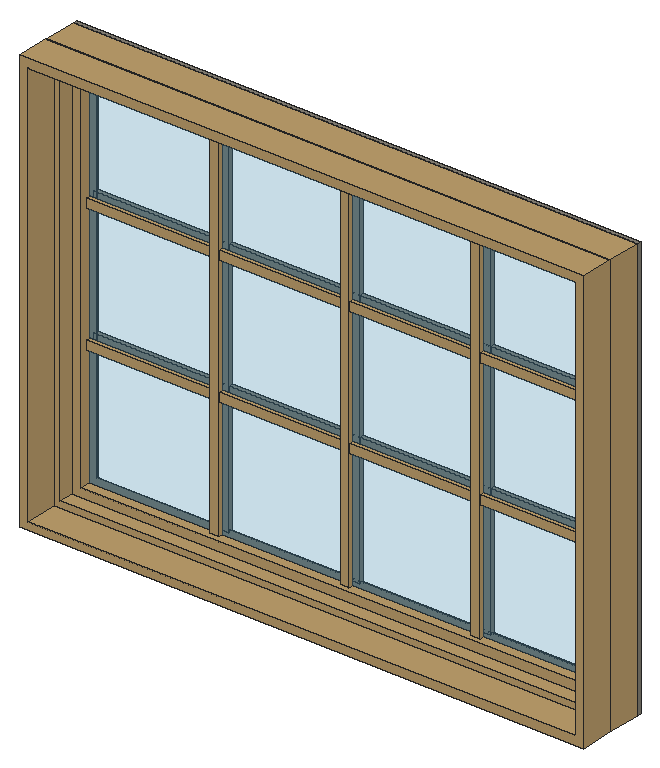
Revit family
Parameters (values of type "CCNTPRYDGRECT")
  Window Type = "Clad Contemporary Direct Glaze Rectangle"
  URL = "www.marvin.com"
  Prairie Corner Width = 0' - 4"
  Prairie Corner Height = 0' - 4"
  Nominal Width = 4' - 0"
  Nominal Height = 3' - 0"
  Muntins Interior Material = Wood-Marvin-Pine
  Muntins Exterior Material = Aluminum-Marvin-Bronze
  Model = "CCNTPRYDGRECT"
  Manufacturer = "Marvin Windows and Doors"
  Lites Wide = 4
  Lites High = 3
  Lite Cut Prairie 9 = no
  Lite Cut HV Grid = not(Lite Cut Prairie 9)  # yes
  Label Visibility = no
  Interior Material = Wood-Marvin-Pine
  Glazing Material = Glass-Marvin-IG Low E II with Argon
  Glass Type = "IG Low E II with Argon"
  Frame = "Aluminum Clad"
  Family created by = "www.rbuiltcomponents.com"
  Rough Width = Width + 0' 1"  # 4' - 1"
  Rough Height = Height + 0' 0 1/2"  # 3' - 0 1/2"
  Muntins Interior Visibility = yes
  Muntins Exterior Visibility = yes
  Jamb Extension Visibility = yes
  Inset to Installation Flange [instance] = 0' - 1"
  Height = Nominal Height  # 3' - 0"
  Design Pressure = if(or(Width > 10' 0", Height > 6' 0"), "", "DP40")  # "DP40"
  Description = "FIXED"
  Default Head Height = 8' - 0"
  Wall Closure = (empty or 0)
  Width = Nominal Width  # 4' - 0"
  Daylight Area = DLO Width * DLO Height  # 9.81079 SF
  DLO Width = Width - 0' 3 15/16"  # 3' - 8 1/16"
  DLO Height = Height - 0' 3 15/16"  # 2' - 8 1/16"
  Cladding Material = Aluminum-Marvin-Bronze
  Assembly Code = ""
Reference planes (in)
  plane 1 "Center (Front/Back)": y = 0
  plane 2: z = 0
  plane 3 "Center (Left/Right)": x = -3
  plane 4 "Left": x = -27
  plane 5 "Right": x = 21
  plane 6 "Sill": z = 60
  plane 7 "Top": z = 96
  plane 8 "Inset": y = 2
  plane 9 "Glazing": y = 2.70313
  plane 10 "Jamb Ext Face": y = -0.1875
  plane 11: z = 78
  plane 12: y = -0.21875
  plane 13 "Glazing2": y = 1.89063
Forms (in)
  Sweep 1, solid, material "Aluminum-Marvin-Bronze" <- "Cladding Material"
    path origin (0, 2.70313, 0) x (1, 0, 0) y (0, 0, 1)
      loop
        line (-27, 96) -> (-27, 60) -> (21, 60) -> (21, 96) -> (-27, 96)
    profile "Profile_Ext_Clad_Frame : Profile_Ext_Clad_Frame" origin (-27, 2.70313, 78) x (1, 0, 0) y (0, -1, 0)
      loop
        line (0, 0) -> (0, -0.35938) -> (1.76689, -0.35938) -> (1.76689, -0.24087) -> (1.97001, -0.03774) -> (1.97001, 0) -> (0, 0)
  Sweep 2, solid, material "Wood-Marvin-Pine" <- "Interior Material"
    path origin (0, 2.70313, 0) x (1, 0, 0) y (0, 0, 1)
      loop
        line (-27, 96) -> (-27, 60) -> (21, 60) -> (21, 96) -> (-27, 96)
    profile "Profile_Int_Frame : Profile_Int_Frame" origin (-27, 2.70313, 78) x (1, 0, 0) y (0, -1, 0)
      loop
        line (1.1875, 2.89062) -> (0, 2.89062) -> (0, 0) -> (1.1875, 0) -> (1.1875, 0.8125) -> (1.97001, 0.8125) -> (1.97001, 1.68812) -> (1.1875, 1.68812) -> (1.1875, 2.89062)
  Extrusion 3, solid, material "Wood-Marvin-Pine" <- "Interior Material", visible <- "Jamb Extension Visibility", detail levels medium+fine
    sketch origin (0, -0.1875, 0) x (1, 0, 0) y (0, 0, 1)
      loop
        line (-27, 96) -> (-27, 60) -> (21, 60) -> (21, 96) -> (-27, 96)
      loop
        line (-26.3125, 60.6875) -> (20.3125, 60.6875) -> (20.3125, 95.3125) -> (-26.3125, 95.3125) -> (-26.3125, 60.6875)
    from 0.03125 to 2.8125
  Extrusion 4, solid, material "Glass-Marvin-IG Low E II with Argon" <- "Glazing Material"
    sketch origin (0, 2.70313, 0) x (1, 0, 0) y (0, 0, 1)
      loop
        line (19.71875, 94.71875) -> (-25.71875, 94.71875) -> (-25.71875, 61.28125) -> (19.71875, 61.28125) -> (19.71875, 94.71875)
    from 0 to 0.125
  Extrusion 5, solid, material "Glass-Marvin-IG Low E II with Argon" <- "Glazing Material"
    sketch origin (0, 2.70313, 0) x (1, 0, 0) y (0, 0, 1)
      loop
        line (19.71875, 94.71875) -> (-25.71875, 94.71875) -> (-25.71875, 61.28125) -> (19.71875, 61.28125) -> (19.71875, 94.71875)
    from 0.8125 to 0.6875
Lines and regions (in)
  Opening 1
    outline origin (-60, -3, 0) x (1, 0, 0) y (0, 0, 1)
      loop
        line (33, 96) -> (33, 60) -> (81, 60) -> (81, 96) -> (33, 96)
  Masking region 1, visible <- "Jamb Extension Visibility"
    outline origin (0, 0, 60) x (0, -1, 0) y (1, 0, 0)
      loop
        line (0.21875, -27) -> (3, -27) -> (3, 21) -> (0.21875, 21) -> (0.21875, -27)
  Masking region 2, visible <- "Jamb Extension Visibility"
    outline origin (-3, 0, 0) x (0, 1, 0) y (0, 0, 1)
      loop
        line (-0.21875, 96) -> (-3, 96) -> (-3, 60) -> (-0.21875, 60) -> (-0.21875, 96)
  symbolic lines, style "Jamb Extension", visible <- "Jamb Extension Visibility", detail levels fine
    curve 1: line (-27, -3, 60) -> (-26.3125, -3, 60)
    curve 2: line (-26.3125, -3, 60) -> (-26.3125, -0.21875, 60)
    curve 3: line (21, -3, 60) -> (20.3125, -3, 60)
    curve 4: line (20.3125, -3, 60) -> (20.3125, -0.21875, 60)
    curve 5: line (-3, -3, 95.3125) -> (-3, -0.21875, 95.3125)
    curve 6: line (-3, -3, 60.6875) -> (-3, -0.21875, 60.6875)
  symbolic lines, style "WindowsFrameMullionProjection", visible <- "Jamb Extension Visibility", detail levels coarse+medium
    curve 7: line (-26.3125, -0.21875, 60) -> (-26.3125, -3, 60)
    curve 8: line (-26.3125, -3, 60) -> (-27, -3, 60)
    curve 9: line (20.3125, -0.21875, 60) -> (20.3125, -3, 60)
    curve 10: line (20.3125, -3, 60) -> (21, -3, 60)
    curve 13: line (-3, -0.21875, 95.3125) -> (-3, -3, 95.3125)
    curve 14: line (-3, -3, 95.3125) -> (-3, -3, 96)
    curve 15: line (-3, -0.21875, 60.6875) -> (-3, -3, 60.6875)
    curve 16: line (-3, -3, 60.6875) -> (-3, -3, 60)
  symbolic lines, style "Jamb Extension", visible <- "Jamb Extension Visibility"
    curve 11: line (-3, -3, 60.6875) -> (-3, -3, 60)
    curve 12: line (-3, -3, 95.3125) -> (-3, -3, 96)
Text (in)
  text "EXTERIOR" at (-58.6888, 50.90694, 0), in view "Ref. Level"
  text "INTERIOR" at (-58.6888, -37.76638, 0), in view "Ref. Level"
  text "Exterior" at (0, 43.65631, 123.19604), in view "Left"
  text "Exterior" at (0, 18.29385, 125.04747), in view "Right"
Dimensions and locks (in)
  equal spacing: plane 4 "Left", plane 3 "Center (Left/Right)", plane 5 "Right"
  "Width": plane 4 "Left" to plane 5 "Right"
  "Height": plane 6 "Sill" to plane 7 "Top"
  "Inset to Installation Flange": host wall to plane 8 "Inset"
  locked: plane 8 "Inset" to plane 9 "Glazing" at 0.70313
  locked: plane 10 "Jamb Ext Face" to plane 8 "Inset" at 2.1875
  locked: Extrusion 4 sketch curve to plane 5 "Right" at 1.28125
  locked: plane 4 "Left" to Extrusion 4 sketch curve at 1.28125
  locked: Extrusion 4 sketch curve to plane 7 "Top" at 1.28125
  locked: plane 6 "Sill" to Extrusion 4 sketch curve at 1.28125
  equal spacing: plane 6 "Sill", plane 11, plane 7 "Top"
  "Default Head Height": plane 2 to plane 7 "Top"
  locked: Extrusion 3 sketch curve to Extrusion 3 sketch curve at 0.6875  (x2)
  locked: plane 7 "Top" to Extrusion 3 sketch curve at 0.6875
  locked: nested 5 to host wall at 12.00106
  locked: Extrusion 5 sketch curve to plane 7 "Top" at 1.28125
  locked: Extrusion 5 sketch curve to plane 5 "Right" at 1.28125
  locked: plane 6 "Sill" to Extrusion 5 sketch curve at 1.28125
  locked: plane 4 "Left" to Extrusion 5 sketch curve at 1.28125
  plane 9 "Glazing" to Extrusion 4 = 0' - 0 1/8"
  locked: plane 9 "Glazing" to Extrusion 5 at 0.8125
  locked: plane 9 "Glazing" to Extrusion 5 at 0.6875
  locked: Extrusion 5 to Extrusion 5 at 0.125
  locked: plane 12 to plane 10 "Jamb Ext Face" at 0.03125
  locked: plane 13 "Glazing2" to plane 8 "Inset" at 0.10937
  aligned and locked: plane 7 "Top" to Opening 1 sketch curve
  aligned and locked: plane 6 "Sill" to Opening 1 sketch curve  (x2)
  aligned and locked: plane 5 "Right" to Opening 1 sketch curve
  aligned and locked: plane 4 "Left" to Opening 1 sketch curve
  aligned and locked: nested 1 to plane 3 "Center (Left/Right)"
  aligned and locked: plane 8 "Inset" to nested 1
  aligned and locked: host wall to curve 1
  aligned and locked: curve 3 to host wall
  aligned and locked: plane 7 "Top" to Sweep 1 sketch curve
  aligned and locked: Sweep 1 sketch curve to plane 6 "Sill"
  aligned and locked: plane 5 "Right" to Sweep 1 sketch curve
  aligned and locked: Sweep 1 sketch curve to plane 4 "Left"
  aligned and locked: Sweep 2 sketch curve to plane 4 "Left"
  aligned and locked: plane 5 "Right" to Sweep 2 sketch curve
  aligned and locked: plane 7 "Top" to Sweep 2 sketch curve
  aligned and locked: Sweep 2 sketch curve to plane 6 "Sill"
  aligned and locked: plane 8 "Inset" to nested 2
  aligned and locked: Extrusion 3 sketch curve to plane 6 "Sill"
  aligned and locked: plane 5 "Right" to Extrusion 3 sketch curve
  aligned and locked: plane 11 to nested 3
  aligned and locked: plane 9 "Glazing" to nested 4
  aligned and locked: nested 4 to plane 11
  aligned and locked: nested 4 to plane 3 "Center (Left/Right)"
  aligned and locked: plane 3 "Center (Left/Right)" to nested 3
  aligned and locked: host wall to Extrusion 3
  aligned and locked: plane 3 "Center (Left/Right)" to nested 5
  aligned and locked: Extrusion 3 sketch curve to plane 4 "Left"
  aligned and locked: plane 7 "Top" to Extrusion 3 sketch curve
  aligned and locked: curve 5 to Extrusion 3
  aligned and locked: curve 2 to Extrusion 3
  aligned and locked: curve 4 to Extrusion 3
  aligned and locked: plane 4 "Left" to curve 8
  aligned and locked: curve 7 to Extrusion 3
  aligned and locked: curve 8 to host wall
  aligned and locked: plane 5 "Right" to curve 10
  aligned and locked: Extrusion 3 to curve 9  (x2)
  aligned and locked: host wall to curve 10
  aligned and locked: plane 6 "Sill" to curve 11
  aligned and locked: curve 11 to Extrusion 3
  aligned and locked: curve 11 to host wall
  aligned and locked: plane 7 "Top" to curve 12
  aligned and locked: plane 7 "Top" to curve 14
  aligned and locked: host wall to curve 14
  aligned and locked: Extrusion 3 to curve 13  (x2)
  aligned and locked: plane 6 "Sill" to curve 16
  aligned and locked: curve 15 to Extrusion 3
  aligned and locked: Extrusion 4 to plane 9 "Glazing"
  aligned and locked: plane 9 "Glazing" to Extrusion 4
  aligned and locked: Extrusion 3 to curve 7
  aligned and locked: Extrusion 3 to curve 2
  aligned and locked: Extrusion 3 to curve 4
  aligned and locked: Masking region 1 sketch curve to plane 4 "Left"
  aligned and locked: plane 5 "Right" to Masking region 1 sketch curve
  aligned and locked: plane 12 to Masking region 1 sketch curve
  aligned and locked: Masking region 1 sketch curve to host wall
  aligned and locked: Extrusion 3 to curve 5
  aligned and locked: Extrusion 3 to curve 15
  aligned and locked: Extrusion 3 to curve 6
  aligned and locked: Extrusion 3 to plane 12
  aligned and locked: plane 7 "Top" to Masking region 2 sketch curve
  aligned and locked: Masking region 2 sketch curve to plane 6 "Sill"
  aligned and locked: plane 12 to Masking region 2 sketch curve
  aligned and locked: Masking region 2 sketch curve to host wall
  aligned and locked: nested 2 to plane 7 "Top"
Automatic sketch dimensions
  Extrusion 3 sketch curve to plane 4 "Left" = 0' - 0 11/16"
  curve 1 to plane 4 "Left" = 0' - 0"
  curve 3 to plane 5 "Right" = 0' - 0"
Nested families (in)
  nested 1: "Polygon_Plan_Detail" at (-3, 2, 60) x (-1, 0, 0) z (0, 0, -1), type "Polygon_Plan_Detail"
  nested 2: "Polygon_Section_Detail" at (-3, 2, 96) x (0, -1, 0) z (1, 0, 0), type "Polygon_Section_Detail"
  nested 3: "Muntins" at (-3, 1.89062, 25.96875), visible <- "Muntins Interior Visibility", Muntin Material <- "Muntins Interior Material", type "Muntins"
    with MuntinDepth 0' - 0 5/16", Muntin Material Wood-Marvin-Pine, GlazingWidth 3' - 8 1/16", GlazingHeight 2' - 8 1/16", Width 3' - 8 1/2", VerticalMuntins 3, LitesHorizontal 4, Height 2' - 8 1/2", Inset Vert 0' - 10 3/4", Inset Horiz 0' - 10.45833"
  nested 4: "Muntins" at (-3, 2.70312, 25.96875), visible <- "Muntins Exterior Visibility", Muntin Material <- "Muntins Exterior Material", type "Muntins"
    with MuntinDepth 0' - 0 5/16", Muntin Material Aluminum-Marvin-Bronze, GlazingWidth 3' - 8 1/16", GlazingHeight 2' - 8 1/16", Width 3' - 8 1/2", VerticalMuntins 3, LitesHorizontal 4, Height 2' - 8 1/2", Inset Vert 0' - 10 3/4", Inset Horiz 0' - 10.45833"
  nested 5: "Label Annotation 1-16 w6" at (-3, 15.00106, 0), visible <- "Label Visibility", type "Label Annotation 1-16 w6"
    with Nominal Height 3' - 0"
Definition of nested family "Muntins"
  Parameters (values of type "Muntins")
    PrairieMuntVisible = no
    Prairie Corner Width = 0' - 4"
    Prairie Corner Height = 0' - 4"
    Muntin Extension = 0' - 0 7/16"
    GridMuntVisible = yes
    GlazingWidth = 2' - 0"
    GlazingHeight = 2' - 11 1/8"
    Width = GlazingWidth + Muntin Extension  # 2' - 0 7/16"
    VerticalMuntins = if(LitesHorizontal < 3, 2, LitesHorizontal - 1)  # 2
    VertMuntVisible = and(GridMuntVisible, LitesHorizontal > 2)  # yes
    MuntinWidth = 0' - 0 3/4"
    MuntinDepth [instance] = 0' - 0 3/8"
    Muntin Material [instance] = none
    LitesVertical = 3
    LitesHorizontal = 3
    HorizontalMuntins = if(LitesVertical < 3, 2, LitesVertical - 1)  # 2
    HorizMuntVisible = and(GridMuntVisible, LitesVertical > 2)  # yes
    Height = GlazingHeight + Muntin Extension  # 2' - 11 9/16"
    Inset Vert = if(LitesHorizontal < 3, (Width / 3) - (MuntinWidth / 2), (Width / LitesHorizontal) - (MuntinWidth / 2))  # 0' - 7.77083"
    Inset Horiz = if(LitesVertical < 3, (Height / 3) - (MuntinWidth / 2), (Height / LitesVertical) - (MuntinWidth / 2))  # 0' - 11.47917"
    CenterMuntinVertical = and(GridMuntVisible, LitesHorizontal = 2)  # no
    CenterMuntinHorizontal = and(GridMuntVisible, LitesVertical = 2)  # no
    Assembly Code = ""
  Reference planes (in)
    plane 1 "Center (Front/Back)": y = 0
    plane 2: z = 0
    plane 3 "Center (Left/Right)": x = 0
    plane 4: z = 35.78125
    plane 5: z = 53.5625
    plane 6: z = 71.34375
    plane 7: z = 59.86458
    plane 8: z = 47.26042
    plane 9: z = 71.125
    plane 10: z = 36
    plane 11: x = -12
    plane 12: x = 12
    plane 13: x = -4.44792
    plane 14: x = -12.21875
    plane 15: x = 12.21875
    plane 16: x = 4.44792
    plane 17: z = 67.125
    plane 18: z = 40
    plane 19: x = -8
    plane 20: x = 8
  Forms (in)
    Extrusion 1, solid, material <- "Muntin Material", visible <- "CenterMuntinVertical", detail levels medium+fine
      sketch origin (9, 0, 0) x (1, 0, 0) y (0, 0, 1)
        loop
          line (-9.375, 71.34375) -> (-9.375, 35.78125) -> (-8.625, 35.78125) -> (-8.625, 71.34375) -> (-9.375, 71.34375)
      from 0 to 0.375 <- "MuntinDepth"
    Extrusion 2, solid, material <- "Muntin Material", visible <- "CenterMuntinHorizontal", detail levels medium+fine
      sketch origin (-0.0013, 0, 14.6875) x (1, 0, 0) y (0, 0, 1)
        loop
          line (-12.21745, 39.25) -> (-12.21745, 38.5) -> (12.22005, 38.5) -> (12.22005, 39.25) -> (-12.21745, 39.25)
      from 0 to 0.375 <- "MuntinDepth"
    Extrusion 3, solid, material <- "Muntin Material", visible <- "VertMuntVisible", detail levels medium+fine
      sketch origin (4.92708, 0, -2.90625) x (1, 0, 0) y (0, 0, 1)
        loop
          line (-9.375, 74.25) -> (-9.375, 38.6875) -> (-8.625, 38.6875) -> (-8.625, 74.25) -> (-9.375, 74.25)
      from 0 to 0.375 <- "MuntinDepth"
    Extrusion 4, solid, material <- "Muntin Material", visible <- "HorizMuntVisible", detail levels medium+fine
      sketch origin (-3.09635, 0, 14.17708) x (1, 0, 0) y (0, 0, 1)
        loop
          line (-9.1224, 45.6875) -> (-9.1224, 44.9375) -> (15.3151, 44.9375) -> (15.3151, 45.6875) -> (-9.1224, 45.6875)
      from 0 to 0.375 <- "MuntinDepth"
    Extrusion 5, solid, material <- "Muntin Material", visible <- "HorizMuntVisible", detail levels medium+fine
      sketch origin (-3.09635, 0, 2.32292) x (1, 0, 0) y (0, 0, 1)
        loop
          line (-9.1224, 45.6875) -> (-9.1224, 44.9375) -> (15.3151, 44.9375) -> (15.3151, 45.6875) -> (-9.1224, 45.6875)
      from 0 to 0.375 <- "MuntinDepth"
    Extrusion 6, solid, material <- "Muntin Material", visible <- "VertMuntVisible", detail levels medium+fine
      sketch origin (13.07292, 0, -2.90625) x (1, 0, 0) y (0, 0, 1)
        loop
          line (-9.375, 74.25) -> (-9.375, 38.6875) -> (-8.625, 38.6875) -> (-8.625, 74.25) -> (-9.375, 74.25)
      from 0 to 0.375 <- "MuntinDepth"
    Extrusion 7, solid, material <- "Muntin Material", visible <- "PrairieMuntVisible", detail levels medium+fine
      sketch origin (1, 0, 0) x (1, 0, 0) y (0, 0, 1)
        loop
          line (-9, 71.34375) -> (-9, 35.78125) -> (-8.25, 35.78125) -> (-8.25, 71.34375) -> (-9, 71.34375)
      from 0 to 0.375 <- "MuntinDepth"
    Extrusion 8, solid, material <- "Muntin Material", visible <- "PrairieMuntVisible", detail levels medium+fine
      sketch origin (17, 0, 0) x (1, 0, 0) y (0, 0, 1)
        loop
          line (-9.75, 71.34375) -> (-9.75, 35.78125) -> (-9, 35.78125) -> (-9, 71.34375) -> (-9.75, 71.34375)
      from 0 to 0.375 <- "MuntinDepth"
    Extrusion 9, solid, material <- "Muntin Material", visible <- "PrairieMuntVisible", detail levels medium+fine
      sketch origin (-0.0013, 0, 28.25) x (1, 0, 0) y (0, 0, 1)
        loop
          line (-12.21745, 38.875) -> (-12.21745, 38.125) -> (12.22005, 38.125) -> (12.22005, 38.875) -> (-12.21745, 38.875)
      from 0 to 0.375 <- "MuntinDepth"
    Extrusion 10, solid, material <- "Muntin Material", visible <- "PrairieMuntVisible", detail levels medium+fine
      sketch origin (-0.0013, 0, 1.125) x (1, 0, 0) y (0, 0, 1)
        loop
          line (-12.21745, 39.625) -> (-12.21745, 38.875) -> (12.22005, 38.875) -> (12.22005, 39.625) -> (-12.21745, 39.625)
      from 0 to 0.375 <- "MuntinDepth"
  Cuts and joins
    joined: Extrusion 7, Extrusion 8, Extrusion 9, Extrusion 10
  Lines and regions (in)
    model lines, style "Muntins", visible <- "CenterMuntinHorizontal", detail levels coarse
      curve 1: line (-12.21875, 0, 53.5625) -> (12.21875, 0, 53.5625)
    model lines, style "Muntins", visible <- "HorizMuntVisible", detail levels coarse
      curve 2: line (-12.21875, 0, 59.48958) -> (12.21875, 0, 59.48958)
      curve 3: line (-12.21875, 0, 47.63542) -> (12.21875, 0, 47.63542)
    model lines, style "Muntins", visible <- "CenterMuntinVertical", detail levels coarse
      curve 4: line (0, 0, 71.34375) -> (0, 0, 35.78125)
    model lines, style "Muntins", visible <- "VertMuntVisible", detail levels coarse
      curve 5: line (-4.07292, 0, 71.34375) -> (-4.07292, 0, 35.78125)
      curve 6: line (4.07292, 0, 71.34375) -> (4.07292, 0, 35.78125)
    model lines, style "Muntins", visible <- "PrairieMuntVisible", detail levels coarse
      curve 7: line (-12.21875, 0, 66.75) -> (12.21875, 0, 66.75)
      curve 8: line (-12.21875, 0, 40.375) -> (12.21875, 0, 40.375)
      curve 9: line (-7.625, 0, 35.78125) -> (-7.625, 0, 71.34375)
      curve 10: line (7.625, 0, 35.78125) -> (7.625, 0, 71.34375)
  Dimensions and locks (in)
    "Inset Horiz": plane 6 to plane 7
    "Inset Horiz": plane 8 to plane 4
    equal spacing: plane 6, plane 5, plane 4
    "Height": plane 6 to plane 4
    "GlazingHeight": plane 9 to plane 10
    equal spacing: plane 9, plane 5, plane 10
    "GlazingWidth": plane 12 to plane 11
    equal spacing: plane 12, plane 3 "Center (Left/Right)", plane 11
    "MuntinWidth": Extrusion 1 sketch curve to Extrusion 1 sketch curve
    "Height": Extrusion 1 sketch curve to Extrusion 1 sketch curve
    "MuntinWidth": Extrusion 2 sketch curve to Extrusion 2 sketch curve
    "Width": Extrusion 2 sketch curve to Extrusion 2 sketch curve
    "MuntinWidth": Extrusion 3 sketch curve to Extrusion 3 sketch curve
    "Height": Extrusion 3 sketch curve to Extrusion 3 sketch curve
    "Width": plane 15 to plane 14
    equal spacing: plane 15, plane 3 "Center (Left/Right)", plane 14
    "Inset Vert": plane 13 to plane 14
    "Inset Vert": plane 15 to plane 16
    "MuntinWidth": Extrusion 4 sketch curve to Extrusion 4 sketch curve
    "Width": Extrusion 4 sketch curve to Extrusion 4 sketch curve
    "MuntinWidth": Extrusion 5 sketch curve to Extrusion 5 sketch curve
    "Width": Extrusion 5 sketch curve to Extrusion 5 sketch curve
    group 2 to group 3 = 0' - 0"  (x2)
    group 3 to group 2 = 0' - 11.85417"
    "MuntinWidth": Extrusion 6 sketch curve to Extrusion 6 sketch curve
    "Height": Extrusion 6 sketch curve to Extrusion 6 sketch curve
    group 4 to group 5 = 0' - 8.14583"
    group 4 to group 5 = 0' - 0"  (x2)
    "Prairie Corner Width": plane 19 to plane 11
    "Prairie Corner Width": plane 20 to plane 12
    "Prairie Corner Height": plane 9 to plane 17
    "Prairie Corner Height": plane 18 to plane 10
    "MuntinWidth": Extrusion 7 sketch curve to Extrusion 7 sketch curve
    "Height": Extrusion 7 sketch curve to Extrusion 7 sketch curve
    "MuntinWidth": Extrusion 8 sketch curve to Extrusion 8 sketch curve
    "Height": Extrusion 8 sketch curve to Extrusion 8 sketch curve
    "MuntinWidth": Extrusion 9 sketch curve to Extrusion 9 sketch curve
    "Width": Extrusion 9 sketch curve to Extrusion 9 sketch curve
    "MuntinWidth": Extrusion 10 sketch curve to Extrusion 10 sketch curve
    "Width": Extrusion 10 sketch curve to Extrusion 10 sketch curve
    aligned and locked: plane 6 to Extrusion 1  (x2)
    aligned and locked: Extrusion 1 to plane 4  (x3)
    aligned and locked: Extrusion 3 to plane 13  (x5)
    aligned and locked: Extrusion 3 to plane 4  (x3)
    aligned and locked: Extrusion 2 to plane 14
    aligned and locked: plane 15 to Extrusion 2
    aligned and locked: plane 6 to Extrusion 3
    aligned and locked: plane 7 to Extrusion 4
    aligned and locked: Extrusion 4 to plane 14
    aligned and locked: plane 15 to Extrusion 4
    aligned and locked: curve 1 to plane 5
    aligned and locked: plane 14 to curve 1
    aligned and locked: plane 15 to curve 1
    aligned and locked: Extrusion 5 to plane 14
    aligned and locked: Extrusion 5 to plane 8
    aligned and locked: plane 15 to Extrusion 5
    aligned and locked: Extrusion 5 to curve 3  (x2)
    aligned and locked: Extrusion 4 to curve 2  (x2)
    aligned and locked: curve 4 to plane 3 "Center (Left/Right)"
    aligned and locked: Extrusion 1 to curve 4  (x2)
    aligned and locked: Extrusion 3 to curve 5  (x2)
    aligned and locked: Extrusion 6 to curve 6  (x2)
    aligned and locked: Extrusion 6 to plane 16
    aligned and locked: plane 6 to Extrusion 6
    aligned and locked: plane 6 to curve 6
    aligned and locked: Extrusion 6 to plane 4
    aligned and locked: plane 4 to curve 6
    aligned and locked: cut or joined group of Extrusion 7, Extrusion 8, Extrusion 9, Extrusion 10 to plane 19
    aligned and locked: plane 20 to cut or joined group of Extrusion 7, Extrusion 8, Extrusion 9, Extrusion 10
    aligned and locked: plane 17 to cut or joined group of Extrusion 7, Extrusion 8, Extrusion 9, Extrusion 10
    aligned and locked: cut or joined group of Extrusion 7, Extrusion 8, Extrusion 9, Extrusion 10 to plane 18
    aligned and locked: cut or joined group of Extrusion 7, Extrusion 8, Extrusion 9, Extrusion 10 to curve 7  (x2)
    aligned and locked: cut or joined group of Extrusion 7, Extrusion 8, Extrusion 9, Extrusion 10 to curve 8  (x2)
    aligned and locked: cut or joined group of Extrusion 7, Extrusion 8, Extrusion 9, Extrusion 10 to curve 9  (x2)
    aligned and locked: cut or joined group of Extrusion 7, Extrusion 8, Extrusion 9, Extrusion 10 to curve 10  (x2)
  Automatic sketch dimensions
    Extrusion 1 sketch curve to plane 4 = 0' - 0"
    Extrusion 1 sketch curve to plane 3 "Center (Left/Right)" = 0' - 0 3/8"
    Extrusion 2 sketch curve to plane 14 = 0' - 0"
    Extrusion 2 sketch curve to plane 5 = 0' - 0 3/8"
    Extrusion 7 sketch curve to plane 4 = 0' - 0"
    Extrusion 7 sketch curve to plane 19 = 0' - 0"
    Extrusion 8 sketch curve to plane 4 = 0' - 0"
    Extrusion 8 sketch curve to plane 20 = 0' - 0 3/4"
    Extrusion 9 sketch curve to plane 14 = 0' - 0"
    Extrusion 9 sketch curve to plane 17 = 0' - 0 3/4"
    Extrusion 10 sketch curve to plane 14 = 0' - 0"
    Extrusion 10 sketch curve to plane 18 = 0' - 0"
    plane 19 to curve 9 = 0' - 0 3/8"
    curve 10 to plane 20 = 0' - 0 3/8"
    plane 18 to curve 8 = 0' - 0 3/8"
    curve 7 to plane 17 = 0' - 0 3/8"
Definition of nested family "Polygon_Plan_Detail"
  Parameters (values of type "Polygon_Plan_Detail")
    Width = 4' - 0"
    Assembly Code = ""
  Reference planes (in)
    plane 1 "Center (Front/Back)": y = 0
    plane 2: z = 0
    plane 3 "Center (Left/Right)": x = 0
    plane 4: x = -24
    plane 5: x = 24
  Lines and regions (in)
    Masking region 1, in view "Ref. Level"
      outline origin (0, 0, 0) x (1, 0, 0) y (0, 1, 0)
        loop
          line (-24, 1.0625) -> (-24, -2.1875) -> (24, -2.1875) -> (24, 1.0625) -> (-24, 1.0625)
    detail lines, style "Cut Lines", in view "Ref. Level", detail levels fine
      curve 1: line (-22.625, 0.67188, 0) -> (22.625, 0.67188, 0)
      curve 2: line (22.625, 0.54688, 0) -> (-22.625, 0.54688, 0)
      curve 3: line (-22.625, 0.01563, 0) -> (22.625, 0.01563, 0)
      curve 4: line (22.625, -0.10937, 0) -> (-22.625, -0.10937, 0)
    detail lines, style "Frame/Mullion", in view "Ref. Level", detail levels coarse+medium
      curve 5: line (-22.8125, -2.1875, 0) -> (-24, -2.1875, 0)
      curve 6: line (-22.8125, -2.1875, 0) -> (-22.8125, -0.985, 0)
      curve 7: line (-22.02999, 1.0625, 0) -> (-24, 1.0625, 0)
      curve 8: line (-22.8125, -0.985, 0) -> (-22.02999, -0.985, 0)
      curve 9: line (-22.02999, -0.985, 0) -> (-22.02999, 1.0625, 0)
      curve 10: line (22.02999, 1.0625, 0) -> (24, 1.0625, 0)
      curve 11: line (22.8125, -2.1875, 0) -> (24, -2.1875, 0)
      curve 12: line (22.8125, -2.1875, 0) -> (22.8125, -0.985, 0)
      curve 13: line (22.8125, -0.985, 0) -> (22.02999, -0.985, 0)
      curve 14: line (22.02999, -0.985, 0) -> (22.02999, 1.0625, 0)
    detail lines, style "Glass", in view "Ref. Level", detail levels coarse+medium
      curve 15: line (-22.02999, 0.03875, 0) -> (22.02999, 0.03875, 0)
    detail lines, in view "Ref. Level", detail levels coarse+medium
      curve 16: line (-22.02999, -0.985, 0) -> (22.02999, -0.985, 0)
  Dimensions and locks (in)
    equal spacing: plane 4, plane 3 "Center (Left/Right)", plane 5
    "Width": plane 4 to plane 5
    aligned and locked: plane 1 "Center (Front/Back)" to nested 1
    aligned and locked: nested 1 to plane 4
    aligned and locked: plane 5 to nested 2
    aligned and locked: nested 2 to plane 1 "Center (Front/Back)"
    aligned and locked: nested 1 to curve 1
    aligned and locked: nested 1 to curve 2
    aligned and locked: nested 1 to curve 3
    aligned and locked: curve 4 to nested 1  (x2)
    aligned and locked: nested 2 to curve 1
    aligned and locked: nested 2 to curve 2
    aligned and locked: nested 2 to curve 3
    aligned and locked: curve 4 to nested 2
    aligned and locked: curve 1 to nested 1
    aligned and locked: curve 2 to nested 1
    aligned and locked: curve 3 to nested 1
    aligned and locked: Masking region 1 sketch curve to nested 1  (x2)
    aligned and locked: Masking region 1 sketch curve to nested 2  (x2)
    aligned and locked: curve 5 to nested 1
    aligned and locked: curve 6 to nested 1
    aligned and locked: curve 7 to nested 1
    aligned and locked: curve 8 to nested 1
    aligned and locked: curve 9 to nested 1
    aligned and locked: curve 10 to nested 2
    aligned and locked: curve 11 to nested 2
    aligned and locked: curve 12 to nested 2
    aligned and locked: curve 13 to nested 2
    aligned and locked: curve 14 to nested 2
  Automatic sketch dimensions
    curve 7 to plane 4 = 0' - 0"
    curve 5 to plane 4 = 0' - 0"
    curve 10 to plane 5 = 0' - 0"
    curve 11 to plane 5 = 0' - 0"
    curve 15 to plane 1 "Center (Front/Back)" = 0' - 0.03875"
  Nested families (in)
    nested 1: "Jamb_Detail" at (-24, 0, 0), type "Jamb_Detail", in view "Ref. Level", detail levels fine
    nested 2: "Jamb_Detail" at (24, 0, 0) x (-1, 0, 0) z (0, 0, 1), type "Jamb_Detail", in view "Ref. Level", detail levels fine
  Definition of nested family "Jamb_Detail"
    Parameters (values of type "Jamb_Detail")
      Assembly Code = ""
    Reference planes (in)
      plane 1 "Center (Front/Back)": y = 0
      plane 2: z = 0
      plane 3 "Center (Left/Right)": x = 0
    Lines and regions (in)
      detail lines, style "Cut Lines", in view "Ref. Level"
        curve 1: line (1.1875, 2.1875, 0) -> (0, 2.1875, 0)
        curve 2: line (0, 2.1875, 0) -> (0, -1.0625, 0)
        curve 3: line (1.1875, 2.1875, 0) -> (1.1875, 0.985, 0)
        curve 4: line (1.1875, 0.985, 0) -> (1.97001, 0.985, 0)
        curve 5: line (1.97001, 0.985, 0) -> (1.97001, 0.10938, 0)
        curve 6: line (1.97001, 0.10938, 0) -> (1.1875, 0.10938, 0)
        curve 7: line (-0.15502, 0, 0) -> (-1.50502, 0, 0)
        curve 8: line (0, -0.045, 0) -> (-1.50502, -0.045, 0)
        curve 9: line (0, 0.11, 0) -> (-0.15502, 0.11, 0)
        curve 10: line (-0.15502, 0, 0) -> (-0.15502, 0.11, 0)
        curve 11: line (1.76689, -1.0625, 0) -> (0, -1.0625, 0)
        curve 12: line (1.76689, -0.94399, 0) -> (1.76689, -1.0625, 0)
        curve 13: line (1.1875, -0.70312, 0) -> (1.97001, -0.70312, 0)
        curve 14: line (-1.50502, 0, 0) -> (-1.50502, -0.045, 0)
        curve 15: line (1.97001, -0.70312, 0) -> (1.97001, -0.74087, 0)
        curve 16: line (1.1875, 0.10937, 0) -> (1.1875, -0.70312, 0)
        curve 17: line (1.375, 0.10938, 0) -> (1.375, -0.67188, 0)
        curve 18: line (1.76689, -0.94399, 0) -> (1.97001, -0.74087, 0)
        curve 19: line (1.75021, -0.01563, 0) -> (1.75021, -0.54688, 0)
Definition of nested family "Polygon_Section_Detail"
  Parameters (values of type "Polygon_Section_Detail")
    Height = 3' - 0"
    Assembly Code = ""
  Reference planes (in)
    plane 1 "Center (Front/Back)": y = 0
    plane 2: z = 0
    plane 3 "Center (Left/Right)": x = 0
    plane 4: y = 36
  Lines and regions (in)
    Masking region 1, in view "Ref. Level"
      outline origin (0, 0, 0) x (1, 0, 0) y (0, 1, 0)
        loop
          line (-1.0625, 36) -> (-1.0625, 0) -> (2.1875, 0) -> (2.1875, 36) -> (-1.0625, 36)
    detail lines, style "Cut Lines", in view "Ref. Level", detail levels fine
      curve 1: line (-0.67188, 1.375, 0) -> (-0.67188, 34.625, 0)
      curve 2: line (-0.54688, 34.625, 0) -> (-0.54688, 1.375, 0)
      curve 3: line (-0.01563, 1.375, 0) -> (-0.01563, 34.625, 0)
      curve 4: line (0.10937, 34.625, 0) -> (0.10937, 1.375, 0)
    detail lines, style "Frame/Mullion", in view "Ref. Level", detail levels coarse+medium
      curve 5: line (-1.0625, 34.02999, 0) -> (-1.0625, 36, 0)
      curve 6: line (0.985, 34.02999, 0) -> (-1.0625, 34.02999, 0)
      curve 7: line (0.985, 34.8125, 0) -> (0.985, 34.02999, 0)
      curve 8: line (2.1875, 34.8125, 0) -> (0.985, 34.8125, 0)
      curve 9: line (2.1875, 34.8125, 0) -> (2.1875, 36, 0)
      curve 10: line (-1.0625, 1.97001, 0) -> (-1.0625, 0, 0)
      curve 11: line (0.985, 1.97001, 0) -> (-1.0625, 1.97001, 0)
      curve 12: line (0.985, 1.1875, 0) -> (0.985, 1.97001, 0)
      curve 13: line (2.1875, 1.1875, 0) -> (0.985, 1.1875, 0)
      curve 14: line (2.1875, 1.1875, 0) -> (2.1875, 0, 0)
    detail lines, in view "Ref. Level", detail levels coarse+medium
      curve 15: line (0.985, 1.97001, 0) -> (0.985, 34.02999, 0)
    detail lines, style "Glass", in view "Ref. Level", detail levels coarse+medium
      curve 16: line (-0.03875, 1.97001, 0) -> (-0.03875, 34.02999, 0)
  Dimensions and locks (in)
    "Height": plane 4 to plane 1 "Center (Front/Back)"
    aligned and locked: nested 1 to plane 4
    aligned and locked: plane 3 "Center (Left/Right)" to nested 1
    aligned and locked: plane 1 "Center (Front/Back)" to nested 2
    aligned and locked: nested 2 to plane 3 "Center (Left/Right)"
    aligned and locked: nested 1 to curve 1
    aligned and locked: nested 1 to curve 2
    aligned and locked: nested 1 to curve 3
    aligned and locked: curve 4 to nested 1
    aligned and locked: nested 2 to curve 1
    aligned and locked: nested 2 to curve 2
    aligned and locked: nested 2 to curve 3
    aligned and locked: curve 4 to nested 2  (x2)
    aligned and locked: curve 1 to nested 2
    aligned and locked: curve 2 to nested 2
    aligned and locked: curve 3 to nested 2
    aligned and locked: Masking region 1 sketch curve to nested 1  (x2)
    aligned and locked: Masking region 1 sketch curve to nested 2  (x2)
    aligned and locked: curve 5 to nested 1
    aligned and locked: curve 6 to nested 1
    aligned and locked: curve 7 to nested 1
    aligned and locked: curve 8 to nested 1
    aligned and locked: curve 9 to nested 1
    aligned and locked: curve 10 to nested 2
    aligned and locked: curve 11 to nested 2
    aligned and locked: curve 12 to nested 2
    aligned and locked: curve 13 to nested 2
    aligned and locked: curve 14 to nested 2
  Automatic sketch dimensions
    plane 1 "Center (Front/Back)" to curve 14 = 0' - 0"
    plane 1 "Center (Front/Back)" to curve 10 = 0' - 0"
    curve 9 to plane 4 = 0' - 0"
    curve 5 to plane 4 = 0' - 0"
    curve 16 to plane 3 "Center (Left/Right)" = 0' - 0.03875"
  Nested families (in)
    nested 1: "Head_Detail" at (0, 36, 0), type "Head_Detail", in view "Ref. Level", detail levels fine
    nested 2: "Head_Detail" at (0, 0, 0), type "Head_Detail", in view "Ref. Level", detail levels fine
  Definition of nested family "Head_Detail"
    Parameters (values of type "Head_Detail")
      Assembly Code = ""
    Reference planes (in)
      plane 1 "Center (Front/Back)": y = 0
      plane 2: z = 0
      plane 3 "Center (Left/Right)": x = 0
    Lines and regions (in)
      detail lines, style "Cut Lines", in view "Ref. Level"
        curve 1: line (2.1875, -1.1875, 0) -> (2.1875, 0, 0)
        curve 2: line (2.1875, 0, 0) -> (-1.0625, 0, 0)
        curve 3: line (2.1875, -1.1875, 0) -> (0.985, -1.1875, 0)
        curve 4: line (0.985, -1.1875, 0) -> (0.985, -1.97001, 0)
        curve 5: line (0.985, -1.97001, 0) -> (0.10938, -1.97001, 0)
        curve 6: line (0.10938, -1.97001, 0) -> (0.10938, -1.1875, 0)
        curve 7: line (0, 0.15502, 0) -> (0, 1.50502, 0)
        curve 8: line (-0.045, 0, 0) -> (-0.045, 1.50502, 0)
        curve 9: line (0.11, 0, 0) -> (0.11, 0.15502, 0)
        curve 10: line (0, 0.15502, 0) -> (0.11, 0.15502, 0)
        curve 11: line (-1.0625, -1.76689, 0) -> (-1.0625, 0, 0)
        curve 12: line (-0.94399, -1.76689, 0) -> (-1.0625, -1.76689, 0)
        curve 13: line (-0.70312, -1.1875, 0) -> (-0.70312, -1.97001, 0)
        curve 14: line (0, 1.50502, 0) -> (-0.045, 1.50502, 0)
        curve 15: line (-0.70312, -1.97001, 0) -> (-0.74087, -1.97001, 0)
        curve 16: line (0.10938, -1.1875, 0) -> (-0.70312, -1.1875, 0)
        curve 17: line (0.10938, -1.375, 0) -> (-0.67187, -1.375, 0)
        curve 18: line (-0.94399, -1.76689, 0) -> (-0.74087, -1.97001, 0)
        curve 19: line (-0.01563, -1.75021, 0) -> (-0.54688, -1.75021, 0)
Definition of nested family "Label Annotation 1-16 w6"
  Parameters
    Nominal Width = 4' - 0"
    Nominal Height = 6' - 0"
    Label = ""
    Egress Info = "EGRESS WDW"
    Description = "DBHG MGNM"
  Reference planes (in)
    plane 1: y = 0
    plane 2: x = 0
  Text (in)
    label "Nominal Width X  Nominal Height Description" at (0.00375, -0.00345, 0), shows "Nominal Width", "Nominal Height", "Description"
